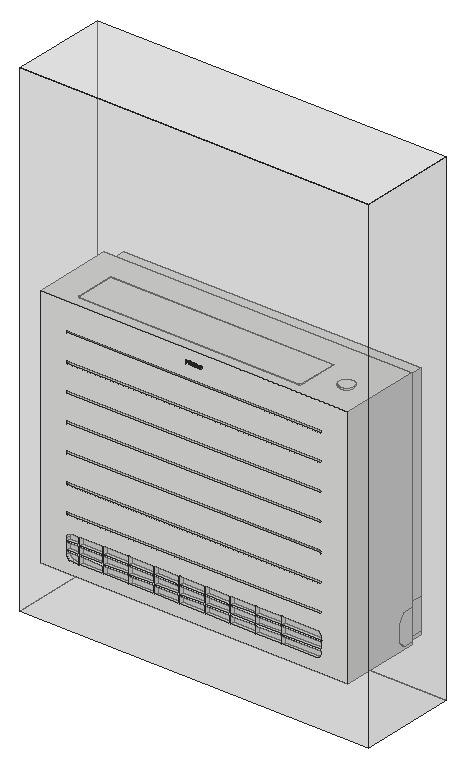
Revit family "outputfile", category 機械設備, Revit 2024
Family settings
  丸型コネクタ寸法 = 半径を使用
  パーツ タイプ = 標準
  OmniClass 番号 = 23.75.10.24.21.27.27
  OmniClass タイトル = Split System Air Conditioning Units
  作業面ベース = いいえ
  常に垂直 = はい
  ロード時にボイドで切り取り = いいえ
  注釈の向きを維持 = いいえ
  共有 = いいえ
  部屋計算ポイント = いいえ
Parameters (values of type "FVXM25YVMA")
  Description = ""
  書き出し IFC クラス(タイプ) = "IfcUnitaryEquipmentType"
  定義済み IFC タイプ(タイプ) = "AIRCONDITIONINGUNIT"
  Cost = 0
  Type Comments = ""
  Keynote = ""
  Type Image = (empty or 0)
  Assembly Code = ""
  switch_frequency = yes
  lw_powersupply [instance] = if(or(Rear Right Connection_refrigerant, Bottom Right Connection_refrigerant), 40.0 mm, if(or(Rear Left Connection_refrigerant, Bottom Left Connection_refrigerant), 630.0 mm, 40.0 mm))  # 40.0 mm
  lw_liquidpipe [instance] = if(or(Rear Right Connection_refrigerant, Bottom Right Connection_refrigerant), 60.0 mm, if(or(Rear Left Connection_refrigerant, Bottom Left Connection_refrigerant), 650.0 mm, 60.0 mm))  # 60.0 mm
  lw_gaspipe [instance] = if(or(Rear Right Connection_refrigerant, Bottom Right Connection_refrigerant), 60.0 mm, if(or(Rear Left Connection_refrigerant, Bottom Left Connection_refrigerant), 650.0 mm, 60.0 mm))  # 60.0 mm
  lw_drainpipe [instance] = if(or(Rear Right Connection_refrigerant, Bottom Right Connection_refrigerant), 80.0 mm, if(or(Rear Left Connection_refrigerant, Bottom Left Connection_refrigerant), 680.0 mm, 80.0 mm))  # 80.0 mm
  lh_liquidpipe [instance] = if(or(Bottom Left Connection_refrigerant, Bottom Right Connection_refrigerant), 258.0 mm, 60.0 mm)  # 60.0 mm
  lh_gaspipe [instance] = if(or(Bottom Left Connection_refrigerant, Bottom Right Connection_refrigerant), 211.0 mm, 40.0 mm)  # 40.0 mm
  lh_drainpipe [instance] = if(or(Bottom Left Connection_refrigerant, Bottom Right Connection_refrigerant), 95.0 mm, 20.0 mm)  # 20.0 mm
  ld_liquidpipe [instance] = if(or(Rear Left Connection_refrigerant, Rear Right Connection_refrigerant), 147.0 mm, 40.0 mm)  # 40.0 mm
  ld_gaspipe [instance] = if(or(Rear Left Connection_refrigerant, Rear Right Connection_refrigerant), 130.0 mm, 30.0 mm)  # 30.0 mm
  ld_drainpipe [instance] = if(or(Rear Left Connection_refrigerant, Rear Right Connection_refrigerant), 123.0 mm, 30.0 mm)  # 30.0 mm
  l_powersupply_length [instance] = if(Right Connection_refrigerant, 40.0 mm - 14.0 mm, if(Left Connection_refrigerant, 750.0 mm - 40.0 mm - 14.0 mm, if(or(Rear Left Connection_refrigerant, Rear Right Connection_refrigerant), 30.0 mm, 74.0 mm)))  # 26.0 mm
  l_liquidpipe_length [instance] = if(Right Connection_refrigerant, 60.0 mm - 14.0 mm, if(Left Connection_refrigerant, 750.0 mm - 60.0 mm - 14.0 mm, if(or(Rear Left Connection_refrigerant, Rear Right Connection_refrigerant), 147.0 mm, 258.0 mm)))  # 46.0 mm
  l_gaspipe_length [instance] = if(Right Connection_refrigerant, 60.0 mm - 14.0 mm, if(Left Connection_refrigerant, 750.0 mm - 60.0 mm - 14.0 mm, if(or(Rear Left Connection_refrigerant, Rear Right Connection_refrigerant), 130.0 mm, 211.0 mm)))  # 46.0 mm
  l_drainpipe_length [instance] = if(Right Connection_refrigerant, 80.0 mm - 14.0 mm, if(Left Connection_refrigerant, 750.0 mm - 80.0 mm - 14.0 mm, if(or(Rear Left Connection_refrigerant, Rear Right Connection_refrigerant), 123.0 mm, 95.0 mm)))  # 66.0 mm
  daikin_mountinghole = Depth = 350.0 mm  # no
  connector_voltage = Voltage_60Hz  # 220 V
  connector_powerinput = [Power Input (Cooling)]  # 0.500 kW
  connector_phase = Phase_60Hz  # 1
  angle_vertical [instance] = if(or(Bottom Left Connection_refrigerant, Bottom Right Connection_refrigerant), 0.00°, 90.00°)  # 90.00°
  angle_horizontal [instance] = if(Right Connection_refrigerant, 90.00°, if(Left Connection_refrigerant, -90.00°, if(or(Rear Left Connection_refrigerant, Rear Right Connection_refrigerant), 180.00°, 0.00°)))  # 90.00°
  Voltage_comment_60Hz = "220-230"
  Voltage_comment_50Hz = "220 - 240"
  Voltage_60Hz = 220 V
  Voltage_50Hz = 230 V
  URL = ""
  Total Heating Capacity [instance] = 0.000 kW
  Right Connection_refrigerant [instance] = yes
  製造元 = "Daikin"
  モデル = "FVXM25YVMA"
  r_Liquid Pipe Size = Liquid Pipe Size / 2  # 3.2 mm
  r_Gas Pipe Size = Gas Pipe Size / 2  # 4.75 mm
  r_Drain Pipe Size = Drain Pipe Size / 2  # 8.0 mm
  h*** = 0.0 mm  # constant formula
  Width = 750.0 mm
  Version = "ver.1.0"
  Unit Type = "Floor Standing"
  Unit Mass Weight = 18.00 kg
  Unit Designation [instance] = ""
  Uniclass2015Version = "Products v1.30"
  Uniclass2015Title = "Split coil room air conditioning units"
  Uniclass2015Code = "Pr_70_65_03_86"
  Total Cooling Capacity [instance] = 0.000 kW
  Sound Pressure Level_M speed (dBA) = 32
  Sound Pressure Level_L speed (dBA) = 26
  Sound Pressure Level_H speed (dBA) = 38
  Sound Power Level_H speed (dB) = 0
  Series = "Single Split_Fan Coil Unit"
  Sensible Cooling Capacity [instance] = 0.000 kW
  Refrigerant Type = "R32"
  Rear Right Connection_refrigerant [instance] = no
  Rear Left Connection_refrigerant [instance] = no
  Power Input (Heating) = 0.760 kW
  Power Input (Cooling) = 0.500 kW
  Phase_60Hz = 1
  Phase_50Hz = 1
  Option Accessory 3 [instance] = ""
  Option Accessory 2 [instance] = ""
  Option Accessory 1 [instance] = ""
  Nominal Heating Capacity = 3.500 kW
  Nominal Cooling Capacity = 2.500 kW
  Minimum External Static Pressure = 0.00 Pa
  Minimum Circuit Amps_60Hz = 0.0 A
  Minimum Circuit Amps_50Hz = 0.0 A
  Minimum Airflow = 288.00 m³/h
  Median Airflow = 384.00 m³/h
  Maximum Fuse Amps_60Hz = 0.0 A
  Maximum Fuse Amps_50Hz = 0.0 A
  Maximum External Static Pressure = 0.00 Pa
  Maximum Airflow = 510.00 m³/h
  Material_Casing = DAIKIN_White_Casing_indoorunit
  Load Classification = HVAC
  Liquid Pipe Size = 6.4 mm
  Link_Nested Family [instance] = ""
  Left Connection_refrigerant [instance] = no
  IfcVersion = ""
  IfcExportType = "AIRCONDITIONINGUNIT"
  IfcExportAs = "IfcUnitaryEquipmentType"
  Height = 600.0 mm
  Heating Entering Wet Bulb Temperature [instance] = -273.15 °C
  Heating Entering Dry Bulb Temperature [instance] = -273.15 °C
  Heating Ambient Wet Bulb Temperature [instance] = -273.15 °C
  Heating Ambient Dry Bulb Temperature [instance] = -273.15 °C
  Heat Exchanger Type = "Cross Fin Coil"
  Gas Pipe Size = 9.5 mm
  Frequency_60Hz = 60 Hz
  Frequency_50Hz = 50 Hz
  Fan Type = "Turbo Fan"
  Fan Drive = "-"
  FCU Tag No. [instance] = ""
  Drain Pipe Size = 16.0 mm
  Design Supply Airflow [instance] = 0.00 m³/h
  Design External Static Pressure [instance] = 0.00 Pa
  Depth = 238.0 mm
  既定の高さ = 0.0 mm
  Cooling Entering Wet Bulb Temperature [instance] = 0.00 °C
  Cooling Entering Dry Bulb Temperature [instance] = 0.00 °C
  Cooling Ambient Wet Bulb Temperature [instance] = 0.00 °C
  Cooling Ambient Dry Bulb Temperature [instance] = 0.00 °C
  Clearance visibility [instance] = yes
  Clearance Top = 467.0 mm
  Clearance Right = 50.0 mm
  Clearance Rear = 0.0 mm
  Clearance Left = 50.0 mm
  Clearance Front = 0.0 mm
  Clearance Bottom = 120.0 mm
  Bottom Right Connection_refrigerant [instance] = no
  Bottom Left Connection_refrigerant [instance] = no
Reference planes
  plane 1: z = 0
  plane 2 "Center (Left/Right)": x = 0
  plane 3 "Center (Front/Back)": y = -23
  plane 4 "Front": y = -142
  plane 5: x = 315
  plane 6: x = 315
  plane 7: z = 0
  plane 8: z = 467
  plane 9: z = -720
  plane 10: x = -425
  plane 11: x = 425
  plane 12: y = -142
  plane 13: y = 96
  plane 14 "Bottom": z = -600
  plane 15 "Left": x = -375
  plane 16 "Right": x = 375
  plane 17 "Top": z = 0
  plane 18 "Back": y = 96
  plane 19 "lh_drainpipe": z = -580
  plane 20 "ld_liquidpipe_gaspipe": y = 56
  plane 21 "ld_drainpipe": y = 66
  plane 22 "ld_powersupply": y = 66
  plane 23 "lh_liquidpipe": z = -540
  plane 24 "lh_gaspipe": z = -560
  plane 25 "ld_gaspipe": y = 66
  plane 26 "lw_drainpipe": x = 295
  plane 27 "lw_powersupply": x = 335
  plane 28 "lh_powersupply": z = -526
Dimensions and locks
  "Width": plane 16 "Right" to plane 15 "Left"
  equal spacing: plane 16 "Right", plane 2 "Center (Left/Right)", plane 15 "Left"
  "Clearance Rear": plane 13 to plane 18 "Back"
  "Clearance Right": plane 11 to plane 16 "Right"
  "Clearance Left": plane 15 "Left" to plane 10
  "Clearance Top": plane 8 to plane 17 "Top"
  "Clearance Bottom": plane 14 "Bottom" to plane 9
  "Height": plane 1 to plane 14 "Bottom"
  equal spacing: plane 18 "Back", plane 3 "Center (Front/Back)", plane 4 "Front"
  "Depth": plane 18 "Back" to plane 4 "Front"
  "Clearance Front": plane 4 "Front" to plane 12
  "ld_liquidpipe": plane 18 "Back" to plane 20 "ld_liquidpipe_gaspipe"
  "lh_liquidpipe": plane 23 "lh_liquidpipe" to plane 14 "Bottom"
  "lw_liquidpipe": plane 6 to plane 16 "Right"
  "ld_gaspipe": plane 18 "Back" to plane 25 "ld_gaspipe"
  "lw_gaspipe": plane 5 to plane 16 "Right"
  "lh_gaspipe": plane 24 "lh_gaspipe" to plane 14 "Bottom"
  "lh_drainpipe": plane 19 "lh_drainpipe" to plane 14 "Bottom"
  "lw_drainpipe": plane 26 "lw_drainpipe" to plane 16 "Right"
  "ld_drainpipe": plane 18 "Back" to plane 21 "ld_drainpipe"
  "lw_powersupply": plane 27 "lw_powersupply" to plane 16 "Right"
  locked: plane 18 "Back" to plane 22 "ld_powersupply" at 30
  locked: plane 28 "lh_powersupply" to plane 14 "Bottom" at 74
  aligned and locked: level to plane 1
  aligned and locked: nested 1 to plane 13
  aligned and locked: nested 1 to plane 12
  aligned and locked: plane 8 to nested 1
  aligned and locked: plane 9 to nested 1
  aligned and locked: plane 10 to nested 1
  aligned and locked: plane 11 to nested 1
  aligned and locked: nested 2 to plane 18 "Back"
  aligned and locked: plane 2 "Center (Left/Right)" to nested 2
  aligned and locked: plane 17 "Top" to nested 2
  aligned and locked: nested 3 to plane 20 "ld_liquidpipe_gaspipe"
  aligned and locked: plane 6 to nested 3
  aligned and locked: nested 4 to plane 25 "ld_gaspipe"
  aligned and locked: plane 5 to nested 4
  aligned and locked: plane 26 "lw_drainpipe" to nested 5
  aligned and locked: nested 5 to plane 21 "ld_drainpipe"
  aligned and locked: plane 27 "lw_powersupply" to nested 6
  aligned and locked: nested 6 to plane 22 "ld_powersupply"
  aligned and locked: plane 17 "Top" to plane 1
Nested families
  nested 1: "daikin_clearancespace" at (0, -23, -126.381), visible <- "Clearance visibility", show <- "Clearance visibility", Link_Nested Family <- "Link_Nested Family", type "daikin_clearancespace"
    with width 850.0 mm, show yes, height 1187.0 mm, depth 238.0 mm, Link_Nested Family ""
  nested 2: "DAIKIN_indoorunit_FVXM-YVMA" at (-31, 96, 0), type "FVXM-YVMA"
  nested 3: "daikin_connector_rotate3" at (315, 56, -540), angle_vertical <- "angle_vertical", angle_horizontal <- "angle_horizontal", radius <- "r_Liquid Pipe Size", length <- "l_liquidpipe_length", type "daikin_connector_rotate3"
    with show no, radius 3.2 mm, length 46.0 mm, angle_vertical 90.00°, angle_horizontal 90.00°
  nested 4: "daikin_connector_rotate3" at (315, 66, -560), angle_vertical <- "angle_vertical", angle_horizontal <- "angle_horizontal", length <- "l_gaspipe_length", radius <- "r_Gas Pipe Size", type "daikin_connector_rotate3"
    with show no, radius 4.75 mm, length 46.0 mm, angle_vertical 90.00°, angle_horizontal 90.00°
  nested 5: "daikin_connector_rotate3" at (295, 66, -580), angle_vertical <- "angle_vertical", angle_horizontal <- "angle_horizontal", length <- "l_drainpipe_length", radius <- "r_Drain Pipe Size", type "daikin_connector_rotate3"
    with show no, radius 8.0 mm, length 66.0 mm, angle_vertical 90.00°, angle_horizontal 90.00°
  nested 6: "daikin_connector_rotate3" at (335, 66, -526), angle_vertical <- "angle_vertical", angle_horizontal <- "angle_horizontal", length <- "l_powersupply_length", type "daikin_connector_rotate3"
    with show no, radius 10.0 mm, length 26.0 mm, angle_vertical 90.00°, angle_horizontal 90.00°
Connectors
  piping at (361, 56, -540), diameter 6.4, driven by "r_Liquid Pipe Size"
    settings: on nested 3, index 1, connector inside diameter 609.6 mm, connector length 0.0 mm, flow factor 0, pipe flow 0.00 m³/h, pressure drop 0.0 Pa, fitting loss kfactor 0, connector angle 0.00°, fixture units 0, engagement length 0.0 mm, angle of deflection 0.00°, flow configuration 1, flow direction 1, fitting loss method 0, system type 29, joint type 0, gender type 0, connector reference index -1, connector utility 0, adjustable connector no, is connector primary yes, connector description "Refrigerant Liquid Piping"
  piping at (361, 66, -560), diameter 9.5, driven by "r_Gas Pipe Size"
    settings: on nested 4, index 2, connector inside diameter 609.6 mm, connector length 0.0 mm, flow factor 0, pipe flow 0.00 m³/h, pressure drop 0.0 Pa, fitting loss kfactor 0, connector angle 0.00°, fixture units 0, engagement length 0.0 mm, angle of deflection 0.00°, flow configuration 1, flow direction 2, fitting loss method 0, system type 29, joint type 0, gender type 0, connector reference index -1, connector utility 0, adjustable connector no, is connector primary no, connector description "Refrigerant Gas Piping"
  piping at (361, 66, -580), diameter 16, driven by "r_Drain Pipe Size"
    settings: on nested 5, index 3, connector inside diameter 609.6 mm, connector length 0.0 mm, flow factor 0, pipe flow 0.00 m³/h, pressure drop 0.0 Pa, fitting loss kfactor 0, connector angle 0.00°, fixture units 0, engagement length 0.0 mm, angle of deflection 0.00°, flow configuration 1, flow direction 2, fitting loss method 4, system type 16, joint type 0, gender type 0, connector reference index -1, connector utility 0, adjustable connector no, is connector primary no, connector description "Condensate Drain Piping"
  electrical at (361, 66, -526), driven by "connector_phase", driven by "Load Classification", driven by "connector_voltage", driven by "connector_powerinput"
    settings: on nested 6, index 4, voltage 220 V, apparent load 500 VA, apparent load phase1 0 VA, apparent load phase2 0 VA, apparent load phase3 0 VA, power factor 1, load classification "HVAC", number of poles 1, system type 30, power factor state 1, is connector primary yes, connector utility no, sub classification motor no, connector description "Power Supply"
Definition of nested family "daikin_clearancespace"
  Parameters (values of type "daikin_clearancespace")
    Description = "daikin_clearancespace"
    width [instance] = 1823.963 mm
    show [instance] = yes
    material = none
    height [instance] = 1359.762 mm
    depth [instance] = 880.0 mm
    Default Elevation = 0.0 mm
    Link_Nested Family [instance] = ""
  Reference planes
    plane 1 "Center (Front/Back)": y = 0
    plane 2 "Center (Elevation)": z = -0.119
    plane 3 "Center (Left/Right)": x = 0
    plane 4: y = 440
    plane 5: y = -440
    plane 6 "Right": x = 911.982
    plane 7 "Left": x = -911.982
    plane 8 "Top": z = 679.762
    plane 9 "Bottom": z = -680
  Forms (mm)
    Extrusion 1, solid, material <- "material", visible <- "show"
      sketch origin (0, 0, 0) x (1, 0, 0) y (0, 1, 0)
        loop
          line (-911.982, 440) -> (-911.982, -440) -> (911.982, -440) -> (911.982, 440) -> (-911.982, 440)
      from -680 to 679.762
  Lines and regions (mm)
    symbolic lines, visible <- "show"
      curve 1: line (911.982, 440, 0) -> (-911.982, 440, 0)
      curve 2: line (-911.982, 440, 0) -> (-911.982, -440, 0)
      curve 3: line (-911.982, -440, 0) -> (911.982, -440, 0)
      curve 4: line (911.982, -440, 0) -> (911.982, 440, 0)
      curve 5: line (911.982, 0, 679.762) -> (-911.982, 0, 679.762)
      curve 6: line (911.982, 0, -680) -> (911.982, 0, 679.762)
      curve 7: line (-911.982, 0, -680) -> (911.982, 0, -680)
      curve 8: line (-911.982, 0, 679.762) -> (-911.982, 0, -680)
      curve 9: line (0, 440, 679.762) -> (0, -440, 679.762)
      curve 10: line (0, -440, 679.762) -> (0, -440, -680)
      curve 11: line (0, 440, -680) -> (0, 440, 679.762)
      curve 12: line (0, -440, -680) -> (0, 440, -680)
  Dimensions and locks
    "width": plane 7 "Left" to plane 6 "Right"
    "depth": plane 4 to plane 5
    "height": plane 8 "Top" to plane 9 "Bottom"
    equal spacing: plane 7 "Left", plane 3 "Center (Left/Right)", plane 6 "Right"
    equal spacing: plane 4, plane 1 "Center (Front/Back)", plane 5
    equal spacing: plane 8 "Top", plane 2 "Center (Elevation)", plane 9 "Bottom"
    aligned and locked: level to plane 2 "Center (Elevation)"
    aligned and locked: Extrusion 1 sketch curve to plane 4
    aligned and locked: plane 7 "Left" to Extrusion 1 sketch curve
    aligned and locked: Extrusion 1 sketch curve to plane 5
    aligned and locked: Extrusion 1 sketch curve to plane 6 "Right"
    aligned and locked: plane 8 "Top" to Extrusion 1
    aligned and locked: curve 1 to Extrusion 1
    aligned and locked: curve 2 to Extrusion 1
    aligned and locked: curve 3 to Extrusion 1
    aligned and locked: curve 4 to Extrusion 1
    aligned and locked: curve 5 to Extrusion 1
    aligned and locked: curve 6 to Extrusion 1
    aligned and locked: curve 7 to Extrusion 1
    aligned and locked: curve 8 to Extrusion 1
    aligned and locked: curve 9 to Extrusion 1
    aligned and locked: curve 10 to Extrusion 1
    aligned and locked: curve 11 to Extrusion 1
    aligned and locked: curve 12 to Extrusion 1
    aligned and locked: Extrusion 1 to plane 9 "Bottom"
Definition of nested family "DAIKIN_indoorunit_FVXM-YVMA"
  Parameters (values of type "FVXM-YVMA")
    Width = 750.0 mm
    Material_Casing = none
    Height = 600.0 mm
    Default Elevation = 0.0 mm
  Reference planes
    plane 1 "Center (Front/Back)": y = 0
    plane 2 "reference_level": z = 0
    plane 3 "Center (Left/Right)": x = 31
    plane 4: x = -330
    plane 5: x = 392
    plane 6: z = -600
    plane 7: y = -238
    plane 8: x = -344
    plane 9: x = 406
    plane 10: z = -600
  Forms (mm)
    Extrusion 1, solid, material <- "Material_Casing"
      sketch origin (392, 3296.25, 1200) x (0, -1, 0) y (0, 0, 1)
        loop
          line (3296.25, -1715) -> (3296.25, -1790.3) -> (3314.25, -1790.3) -> (3341.25, -1790.3) -> (3341.25, -1715) -> (3312.25, -1715) -> (3296.25, -1715)
      from 0 to 5
    Extrusion 2, solid, material <- "Material_Casing"
      sketch origin (31, 2200, -600) x (-1, 0, 0) y (0, -1, 0)
        loop
          line (-276, 2220.469) -> (-276, 2333)
          arc (-276, 2333) -> (-280.393, 2343.607) -> (-291, 2348) r 15
          line (-291, 2348) -> (-331, 2348)
          arc (-331, 2348) -> (-341.607, 2343.607) -> (-346, 2333) r 15
          line (-346, 2333) -> (-346, 2220.469) -> (-276, 2220.469)
        loop
          arc (346, 2280.031) -> (344.335, 2283.756) -> (340.448, 2285) r 5
          line (340.448, 2285) -> (235.887, 2285)
          arc (235.887, 2285) -> (232.431, 2283.569) -> (231, 2280.113) r 4.887
          line (231, 2280.113) -> (231, 2220.469) -> (346, 2220.469) -> (346, 2280.031)
      from 0 to 5
    Extrusion 3, solid, material <- "Material_Casing"
      sketch origin (31, 2000, -50) x (0, 1, 0) y (0, 0, 1)
        loop
          line (-2045, 33) -> (-2045, -550) -> (-2000, -550) -> (-2000, 33) -> (-2045, 33)
      from -361 to 361
    Extrusion 4, solid, material <- "Material_Casing"
      sketch origin (31, 0, 0) x (1, 0, 0) y (0, 0, 1)
        loop
          circle (296, -542) r 58
        loop
          circle (-296, -542) r 58
      from 0 to 18
    Extrusion 5, solid, material <- "Material_Casing"
      sketch origin (-344, 3296.25, 1200) x (0, -1, 0) y (0, 0, -1)
        loop
          line (3341.25, 1715) -> (3355.25, 1715)
          arc (3355.25, 1715) -> (3370.807, 1721.444) -> (3377.25, 1737) r 22
          line (3377.25, 1737) -> (3377.25, 1768.3)
          arc (3377.25, 1768.3) -> (3370.807, 1783.856) -> (3355.25, 1790.3) r 22
          line (3355.25, 1790.3) -> (3341.25, 1790.3) -> (3341.25, 1715)
      from 0 to 5
    Extrusion 6, solid, material <- "Material_Casing"
      sketch origin (31, 0, 0) x (0, 1, 0) y (0, 0, 1)
        loop
          line (-238, -2) -> (-238, -596) -> (-229.5, -596) -> (-229.5, -600) -> (-45, -600) -> (-45, -2) -> (-238, -2)
      from -375 to 375
    Extrusion 7, void
      sketch origin (-663.497, -183, 1200) x (-1, 0, 0) y (0, 0, 1)
        loop
          line (-333.497, -1796) -> (-333.497, -1826) -> (-298.497, -1826) -> (-298.497, -1796) -> (-333.497, -1796)
        loop
          line (-1055.497, -1796) -> (-1090.497, -1796) -> (-1090.497, -1826) -> (-1055.497, -1826) -> (-1055.497, -1796)
      from -55 to 495
    Extrusion 8, solid, material <- "Material_Casing"
      sketch origin (0, 0, 0) x (1, 0, 0) y (0, 1, 0)
        loop
          circle (339.5, -158.981) r 18
      from -2 to 0
    Extrusion 9, void
      sketch origin (0, 0, 0) x (1, 0, 0) y (0, 1, 0)
        loop
          arc (-269.293, -211.674) -> (-2.048, -218.025) -> (265.245, -214.192) r 7016.372
          arc (265.245, -214.192) -> (268.673, -212.671) -> (270.079, -209.195) r 5
          line (270.079, -209.195) -> (270.079, -111.981) -> (-274.079, -111.981) -> (-274.079, -206.679)
          arc (-274.079, -206.679) -> (-272.689, -210.138) -> (-269.293, -211.674) r 5
      from -10 to 0
    Extrusion 10, solid, material <- "Material_Casing"
      sketch origin (0, 0, 0) x (1, 0, 0) y (0, 1, 0)
        loop
          arc (265.245, -214.192) -> (268.673, -212.671) -> (270.079, -209.195) r 5
          line (270.079, -209.195) -> (270.079, -111.981) -> (-274.079, -111.981) -> (-274.079, -206.679)
          arc (-274.079, -206.679) -> (-272.689, -210.138) -> (-269.293, -211.674) r 5
          arc (-269.293, -211.674) -> (-2.048, -218.025) -> (265.245, -214.192) r 7016.372
      from -10 to -2
    Extrusion 11, void
      sketch origin (-663.497, -183, 1200) x (-1, 0, 0) y (0, 0, 1)
        loop
          arc (-1002.372, -1264.5) -> (-1004.14, -1265.232) -> (-1004.872, -1267) r 2.5
          line (-1004.872, -1267) -> (-1004.872, -1269)
          arc (-1004.872, -1269) -> (-1004.286, -1270.414) -> (-1002.872, -1271) r 2
          line (-1002.872, -1271) -> (-386.123, -1271)
          arc (-386.123, -1271) -> (-384.709, -1270.414) -> (-384.123, -1269) r 2
          line (-384.123, -1269) -> (-384.123, -1267)
          arc (-384.123, -1267) -> (-384.855, -1265.232) -> (-386.623, -1264.5) r 2.5
          line (-386.623, -1264.5) -> (-1002.372, -1264.5)
        loop
          arc (-1002.372, -1330.5) -> (-1004.14, -1331.232) -> (-1004.872, -1333) r 2.5
          line (-1004.872, -1333) -> (-1004.872, -1335)
          arc (-1004.872, -1335) -> (-1004.286, -1336.414) -> (-1002.872, -1337) r 2
          line (-1002.872, -1337) -> (-386.123, -1337)
          arc (-386.123, -1337) -> (-384.709, -1336.414) -> (-384.123, -1335) r 2
          line (-384.123, -1335) -> (-384.123, -1333)
          arc (-384.123, -1333) -> (-384.855, -1331.232) -> (-386.623, -1330.5) r 2.5
          line (-386.623, -1330.5) -> (-1002.372, -1330.5)
        loop
          arc (-1002.372, -1396.5) -> (-1004.14, -1397.232) -> (-1004.872, -1399) r 2.5
          line (-1004.872, -1399) -> (-1004.872, -1401)
          arc (-1004.872, -1401) -> (-1004.286, -1402.414) -> (-1002.872, -1403) r 2
          line (-1002.872, -1403) -> (-386.123, -1403)
          arc (-386.123, -1403) -> (-384.709, -1402.414) -> (-384.123, -1401) r 2
          line (-384.123, -1401) -> (-384.123, -1399)
          arc (-384.123, -1399) -> (-384.855, -1397.232) -> (-386.623, -1396.5) r 2.5
          line (-386.623, -1396.5) -> (-1002.372, -1396.5)
        loop
          arc (-1002.372, -1462.5) -> (-1004.14, -1463.232) -> (-1004.872, -1465) r 2.5
          line (-1004.872, -1465) -> (-1004.872, -1467)
          arc (-1004.872, -1467) -> (-1004.286, -1468.414) -> (-1002.872, -1469) r 2
          line (-1002.872, -1469) -> (-386.123, -1469)
          arc (-386.123, -1469) -> (-384.709, -1468.414) -> (-384.123, -1467) r 2
          line (-384.123, -1467) -> (-384.123, -1465)
          arc (-384.123, -1465) -> (-384.855, -1463.232) -> (-386.623, -1462.5) r 2.5
          line (-386.623, -1462.5) -> (-1002.372, -1462.5)
        loop
          arc (-1002.372, -1528.5) -> (-1004.14, -1529.232) -> (-1004.872, -1531) r 2.5
          line (-1004.872, -1531) -> (-1004.872, -1533)
          arc (-1004.872, -1533) -> (-1004.286, -1534.414) -> (-1002.872, -1535) r 2
          line (-1002.872, -1535) -> (-386.123, -1535)
          arc (-386.123, -1535) -> (-384.709, -1534.414) -> (-384.123, -1533) r 2
          line (-384.123, -1533) -> (-384.123, -1531)
          arc (-384.123, -1531) -> (-384.855, -1529.232) -> (-386.623, -1528.5) r 2.5
          line (-386.623, -1528.5) -> (-1002.372, -1528.5)
        loop
          arc (-1002.372, -1594.5) -> (-1004.14, -1595.232) -> (-1004.872, -1597) r 2.5
          line (-1004.872, -1597) -> (-1004.872, -1599)
          arc (-1004.872, -1599) -> (-1004.286, -1600.414) -> (-1002.872, -1601) r 2
          line (-1002.872, -1601) -> (-386.123, -1601)
          arc (-386.123, -1601) -> (-384.709, -1600.414) -> (-384.123, -1599) r 2
          line (-384.123, -1599) -> (-384.123, -1597)
          arc (-384.123, -1597) -> (-384.855, -1595.232) -> (-386.623, -1594.5) r 2.5
          line (-386.623, -1594.5) -> (-1002.372, -1594.5)
        loop
          arc (-1002.372, -1660.5) -> (-1004.14, -1661.232) -> (-1004.872, -1663) r 2.5
          line (-1004.872, -1663) -> (-1004.872, -1665)
          arc (-1004.872, -1665) -> (-1004.286, -1666.414) -> (-1002.872, -1667) r 2
          line (-1002.872, -1667) -> (-386.123, -1667)
          arc (-386.123, -1667) -> (-384.709, -1666.414) -> (-384.123, -1665) r 2
          line (-384.123, -1665) -> (-384.123, -1663)
          arc (-384.123, -1663) -> (-384.855, -1661.232) -> (-386.623, -1660.5) r 2.5
          line (-386.623, -1660.5) -> (-1002.372, -1660.5)
        loop
          line (-907.024, -1705.5) -> (-907.024, -1724.25) -> (-845.397, -1724.25) -> (-845.397, -1705.5) -> (-907.024, -1705.5)
        loop
          line (-396.123, -1705.5) -> (-412.997, -1705.5) -> (-412.997, -1724.137) -> (-384.123, -1724.137) -> (-384.123, -1717.5)
          arc (-384.123, -1717.5) -> (-387.637, -1709.015) -> (-396.123, -1705.5) r 12
        loop
          line (-1004.872, -1724.399) -> (-908.997, -1724.399) -> (-908.997, -1705.5) -> (-992.872, -1705.5)
          arc (-992.872, -1705.5) -> (-1001.357, -1709.015) -> (-1004.872, -1717.5) r 12
          line (-1004.872, -1717.5) -> (-1004.872, -1724.399)
        loop
          line (-721.597, -1705.5) -> (-781.498, -1705.5) -> (-781.498, -1724.25) -> (-721.597, -1724.25) -> (-721.597, -1705.5)
        loop
          line (-783.497, -1705.5) -> (-843.398, -1705.5) -> (-843.398, -1724.25) -> (-783.497, -1724.25) -> (-783.497, -1705.5)
        loop
          line (-597.797, -1705.5) -> (-657.698, -1705.5) -> (-657.698, -1724.25) -> (-597.797, -1724.25) -> (-597.797, -1705.5)
        loop
          line (-659.697, -1705.5) -> (-719.598, -1705.5) -> (-719.598, -1724.25) -> (-659.697, -1724.25) -> (-659.697, -1705.5)
        loop
          line (-473.997, -1705.5) -> (-533.898, -1705.5) -> (-533.898, -1724.25) -> (-473.997, -1724.25) -> (-473.997, -1705.5)
        loop
          line (-535.897, -1705.5) -> (-595.798, -1705.5) -> (-595.798, -1724.25) -> (-535.897, -1724.25) -> (-535.897, -1705.5)
        loop
          line (-414.913, -1705.5) -> (-471.998, -1705.5) -> (-471.998, -1724.25) -> (-414.973, -1724.25) -> (-414.913, -1705.5)
        loop
          line (-907.024, -1766.5) -> (-845.397, -1766.5) -> (-845.397, -1747.75) -> (-907.024, -1747.75) -> (-907.024, -1766.5)
        loop
          arc (-396.123, -1766.5) -> (-387.637, -1762.985) -> (-384.123, -1754.5) r 12
          line (-384.123, -1754.5) -> (-384.123, -1747.863) -> (-412.997, -1747.863) -> (-412.997, -1766.5) -> (-396.123, -1766.5)
        loop
          line (-1004.872, -1747.601) -> (-1004.872, -1754.5)
          arc (-1004.872, -1754.5) -> (-1001.357, -1762.985) -> (-992.872, -1766.5) r 12
          line (-992.872, -1766.5) -> (-908.997, -1766.5) -> (-908.997, -1747.601) -> (-1004.872, -1747.601)
        loop
          line (-721.597, -1766.5) -> (-721.597, -1747.75) -> (-781.498, -1747.75) -> (-781.498, -1766.5) -> (-721.597, -1766.5)
        loop
          line (-783.497, -1766.5) -> (-783.497, -1747.75) -> (-843.398, -1747.75) -> (-843.398, -1766.5) -> (-783.497, -1766.5)
        loop
          line (-597.797, -1766.5) -> (-597.797, -1747.75) -> (-657.698, -1747.75) -> (-657.698, -1766.5) -> (-597.797, -1766.5)
        loop
          line (-659.697, -1766.5) -> (-659.697, -1747.75) -> (-719.598, -1747.75) -> (-719.598, -1766.5) -> (-659.697, -1766.5)
        loop
          line (-473.997, -1766.5) -> (-473.997, -1747.75) -> (-533.898, -1747.75) -> (-533.898, -1766.5) -> (-473.997, -1766.5)
        loop
          line (-535.897, -1766.5) -> (-535.897, -1747.75) -> (-595.798, -1747.75) -> (-595.798, -1766.5) -> (-535.897, -1766.5)
        loop
          line (-414.913, -1766.5) -> (-414.973, -1747.75) -> (-471.998, -1747.75) -> (-471.998, -1766.5) -> (-414.913, -1766.5)
        loop
          line (-384.123, -1726.863) -> (-412.997, -1726.863) -> (-412.997, -1745.137) -> (-384.123, -1745.137) -> (-384.123, -1726.863)
        loop
          line (-471.998, -1745.25) -> (-415.039, -1745.25) -> (-415.039, -1726.863) -> (-471.998, -1726.863) -> (-471.998, -1745.25)
        loop
          line (-533.897, -1745.25) -> (-473.997, -1745.25) -> (-473.997, -1726.863) -> (-533.897, -1726.863) -> (-533.897, -1745.25)
        loop
          line (-595.797, -1745.25) -> (-535.897, -1745.25) -> (-535.897, -1726.863) -> (-595.797, -1726.863) -> (-595.797, -1745.25)
        loop
          line (-657.697, -1745.25) -> (-597.797, -1745.25) -> (-597.797, -1726.863) -> (-657.697, -1726.863) -> (-657.697, -1745.25)
        loop
          line (-719.597, -1745.25) -> (-659.697, -1745.25) -> (-659.697, -1726.863) -> (-719.597, -1726.863) -> (-719.597, -1745.25)
        loop
          line (-781.497, -1745.25) -> (-721.597, -1745.25) -> (-721.597, -1726.863) -> (-781.497, -1726.863) -> (-781.497, -1745.25)
        loop
          line (-843.397, -1745.25) -> (-783.497, -1745.25) -> (-783.497, -1726.863) -> (-843.397, -1726.863) -> (-843.397, -1745.25)
        loop
          line (-906.955, -1745.25) -> (-845.397, -1745.25) -> (-845.397, -1726.863) -> (-906.955, -1726.863) -> (-906.955, -1745.25)
        loop
          line (-1004.872, -1745.25) -> (-908.997, -1745.25) -> (-908.997, -1726.863) -> (-1004.872, -1726.863) -> (-1004.872, -1745.25)
      from -200 to -45.918
    Extrusion 12, solid, material <- "Material_Casing"
      sketch origin (-330, 3296.25, 1200) x (0, -1, 0) y (0, 0, -1)
        loop
          line (3296.25, 1715) -> (3312.25, 1715) -> (3341.25, 1715) -> (3341.25, 1790.3) -> (3314.25, 1790.3) -> (3296.25, 1790.3) -> (3296.25, 1715)
      from 0 to 5
    Extrusion 13, solid, material <- "Material_Casing"
      sketch origin (406, 3296.25, 1200) x (0, -1, 0) y (0, 0, 1)
        loop
          line (3341.25, -1715) -> (3341.25, -1790.3) -> (3355.25, -1790.3)
          arc (3355.25, -1790.3) -> (3370.807, -1783.856) -> (3377.25, -1768.3) r 22
          line (3377.25, -1768.3) -> (3377.25, -1737)
          arc (3377.25, -1737) -> (3370.807, -1721.444) -> (3355.25, -1715) r 22
          line (3355.25, -1715) -> (3341.25, -1715)
      from 0 to 5
  Cuts and joins
    Extrusion 7, Extrusion 9, Extrusion 11 cuts Extrusion 6
    Extrusion 11 cuts Extrusion 3
  Lines and regions (mm)
    reference lines
      curve 1: line (0, -237.748, -22.637) -> (0, -237.748, -29.433)
  Dimensions and locks
    plane 5 to plane 4 = 722.0 mm
    Extrusion 4 sketch curve to plane 4 = 65.0 mm
    plane 5 to Extrusion 4 sketch curve = 65.0 mm
    Extrusion 4 sketch curve to plane 6 = 58.0 mm  (x2)
    equal spacing: plane 5, plane 3 "Center (Left/Right)", plane 4
    level to plane 6 = 600.0 mm
    equal spacing: plane 8, plane 3 "Center (Left/Right)", plane 9
    "Width": plane 8 to plane 9
    locked: plane 1 "Center (Front/Back)" to plane 7 at 238
    locked: plane 2 "reference_level" to plane 10 at 600
    locked: Extrusion 3 sketch curve to level at 600
    locked: plane 10 to Extrusion 1 sketch curve at 85
    locked: Extrusion 2 sketch curve to plane 1 "Center (Front/Back)" at 148
    locked: Extrusion 2 sketch curve to Extrusion 2 sketch curve at 70
    locked: Extrusion 2 sketch curve to plane 9 at 29
    locked: Extrusion 2 sketch curve to Extrusion 2 sketch curve at 115
    locked: plane 8 to Extrusion 2 sketch curve at 29
    locked: Extrusion 2 sketch curve to plane 1 "Center (Front/Back)" at 85
    locked: plane 10 to Extrusion 3 sketch curve at 583
    diameter of Extrusion 4 sketch curve = 116.0 mm  (x2)
    aligned and locked: level to plane 2 "reference_level"
  Automatic sketch dimensions
    Extrusion 1 sketch curve to plane 1 "Center (Front/Back)" = 0.0 mm
    plane 1 "Center (Front/Back)" to Extrusion 1 sketch curve = 16.0 mm
    plane 1 "Center (Front/Back)" to Extrusion 1 sketch curve = 18.0 mm
    Extrusion 1 sketch curve to Extrusion 1 sketch curve = 29.0 mm
    plane 10 to Extrusion 1 sketch curve = 9.7 mm
    Extrusion 2 sketch curve to Extrusion 2 sketch curve = 15.0 mm  (x2)
    Extrusion 2 sketch curve to Extrusion 2 sketch curve = 4.887 mm
    Extrusion 2 sketch curve to Extrusion 2 sketch curve = 5.552 mm
    Extrusion 2 sketch curve to Extrusion 2 sketch curve = 0.552 mm
    plane 1 "Center (Front/Back)" to Extrusion 2 sketch curve = 20.469 mm  (x2)
    Extrusion 3 sketch curve to plane 1 "Center (Front/Back)" = 0.0 mm
    plane 1 "Center (Front/Back)" to Extrusion 3 sketch curve = 45.0 mm
    plane 7 to curve 1 = 0.252 mm
    curve 1 to level = 29.433 mm
    curve 1 to curve 1 = 6.796 mm
    plane 1 "Center (Front/Back)" to Extrusion 5 sketch curve = 45.0 mm
    Extrusion 5 sketch curve to Extrusion 5 sketch curve = 14.0 mm  (x2)
    Extrusion 5 sketch curve to Extrusion 5 sketch curve = 22.0 mm
    plane 10 to Extrusion 5 sketch curve = 85.0 mm
    Extrusion 5 sketch curve to Extrusion 5 sketch curve = 31.3 mm
    Extrusion 6 sketch curve to plane 7 = 0.0 mm
    Extrusion 6 sketch curve to plane 10 = 0.0 mm
    plane 10 to Extrusion 6 sketch curve = 4.0 mm
    plane 7 to Extrusion 6 sketch curve = 8.5 mm
    plane 1 "Center (Front/Back)" to Extrusion 6 sketch curve = 45.0 mm
    Extrusion 6 sketch curve to level = 2.0 mm
    plane 10 to Extrusion 7 sketch curve = 4.0 mm  (x2)
    Extrusion 7 sketch curve to plane 9 = 21.0 mm
    plane 9 to Extrusion 7 sketch curve = 14.0 mm
    plane 8 to Extrusion 7 sketch curve = 14.0 mm
    Extrusion 7 sketch curve to plane 8 = 21.0 mm
    Extrusion 7 sketch curve to plane 10 = 26.0 mm  (x2)
    Extrusion 9 sketch curve to plane 3 "Center (Left/Right)" = 0.0 mm
    plane 7 to Extrusion 9 sketch curve = 31.321 mm
    plane 8 to Extrusion 9 sketch curve = 74.921 mm
    plane 8 to Extrusion 9 sketch curve = 69.921 mm
    plane 7 to Extrusion 9 sketch curve = 28.805 mm
    plane 9 to Extrusion 9 sketch curve = 140.921 mm
    Extrusion 9 sketch curve to Extrusion 9 sketch curve = 5.0 mm
    Extrusion 9 sketch curve to Extrusion 9 sketch curve = 94.698 mm
    Extrusion 9 sketch curve to plane 1 "Center (Front/Back)" = 6798.269 mm
    Extrusion 9 sketch curve to Extrusion 9 sketch curve = 0.0 mm
    Extrusion 10 sketch curve to plane 3 "Center (Left/Right)" = 0.0 mm
    plane 8 to Extrusion 10 sketch curve = 74.921 mm
    plane 8 to Extrusion 10 sketch curve = 69.921 mm
    plane 7 to Extrusion 10 sketch curve = 28.805 mm
    plane 9 to Extrusion 10 sketch curve = 140.921 mm
    Extrusion 10 sketch curve to Extrusion 10 sketch curve = 5.0 mm
    plane 7 to Extrusion 10 sketch curve = 31.321 mm
    Extrusion 10 sketch curve to Extrusion 10 sketch curve = 97.214 mm
    Extrusion 10 sketch curve to plane 1 "Center (Front/Back)" = 6798.269 mm
    Extrusion 10 sketch curve to Extrusion 10 sketch curve = 0.0 mm
    plane 9 to Extrusion 11 sketch curve = 64.625 mm  (x5)
    Extrusion 11 sketch curve to Extrusion 11 sketch curve = 0.0 mm  (x51)
    Extrusion 11 sketch curve to Extrusion 11 sketch curve = 2.0 mm  (x17)
    Extrusion 11 sketch curve to Extrusion 11 sketch curve = 2.5 mm  (x13)
    Extrusion 11 sketch curve to Extrusion 11 sketch curve = 0.5 mm  (x12)
    Extrusion 11 sketch curve to Extrusion 11 sketch curve = 12.0 mm  (x3)
    Extrusion 11 sketch curve to Extrusion 11 sketch curve = 83.875 mm
    Extrusion 11 sketch curve to Extrusion 11 sketch curve = 1.974 mm  (x2)
    Extrusion 11 sketch curve to Extrusion 11 sketch curve = 2.042 mm  (x2)
    Extrusion 11 sketch curve to Extrusion 11 sketch curve = 61.559 mm
    Extrusion 11 sketch curve to Extrusion 11 sketch curve = 1.998 mm  (x15)
    Extrusion 11 sketch curve to Extrusion 11 sketch curve = 1.999 mm  (x6)
    Extrusion 11 sketch curve to Extrusion 11 sketch curve = 59.901 mm  (x3)
    plane 3 "Center (Left/Right)" to Extrusion 11 sketch curve = 27.099 mm
    Extrusion 11 sketch curve to plane 3 "Center (Left/Right)" = 34.801 mm
    Extrusion 11 sketch curve to Extrusion 11 sketch curve = 59.902 mm
    Extrusion 11 sketch curve to Extrusion 11 sketch curve = 56.959 mm
    Extrusion 11 sketch curve to Extrusion 11 sketch curve = 0.067 mm  (x2)
    plane 10 to Extrusion 11 sketch curve = 33.5 mm  (x3)
    Extrusion 11 sketch curve to Extrusion 11 sketch curve = 0.059 mm  (x2)
    Extrusion 11 sketch curve to Extrusion 11 sketch curve = 1.975 mm  (x2)
    Extrusion 11 sketch curve to Extrusion 11 sketch curve = 16.875 mm  (x2)
    plane 8 to Extrusion 11 sketch curve = 67.125 mm  (x3)
    Extrusion 11 sketch curve to Extrusion 11 sketch curve = 9.5 mm
    Extrusion 11 sketch curve to Extrusion 11 sketch curve = 6.637 mm  (x2)
    Extrusion 11 sketch curve to Extrusion 11 sketch curve = 18.75 mm  (x4)
    Extrusion 11 sketch curve to Extrusion 11 sketch curve = 0.113 mm  (x2)
    Extrusion 11 sketch curve to Extrusion 11 sketch curve = 6.899 mm  (x2)
    Extrusion 11 sketch curve to Extrusion 11 sketch curve = 2.351 mm
    Extrusion 11 sketch curve to Extrusion 11 sketch curve = 18.387 mm  (x7)
    Extrusion 11 sketch curve to Extrusion 11 sketch curve = 18.275 mm
    Extrusion 11 sketch curve to Extrusion 11 sketch curve = 2.463 mm
    Extrusion 11 sketch curve to Extrusion 11 sketch curve = 2.613 mm  (x4)
    Extrusion 11 sketch curve to Extrusion 11 sketch curve = 2.725 mm
    Extrusion 11 sketch curve to Extrusion 11 sketch curve = 38.5 mm
    Extrusion 11 sketch curve to Extrusion 11 sketch curve = 59.5 mm  (x6)
    Extrusion 12 sketch curve to plane 1 "Center (Front/Back)" = 0.0 mm
    plane 1 "Center (Front/Back)" to Extrusion 12 sketch curve = 16.0 mm
    plane 1 "Center (Front/Back)" to Extrusion 12 sketch curve = 18.0 mm
    Extrusion 12 sketch curve to Extrusion 12 sketch curve = 29.0 mm
    plane 10 to Extrusion 12 sketch curve = 85.0 mm
    plane 10 to Extrusion 12 sketch curve = 9.7 mm
    plane 1 "Center (Front/Back)" to Extrusion 13 sketch curve = 45.0 mm
    Extrusion 13 sketch curve to Extrusion 13 sketch curve = 14.0 mm  (x2)
    Extrusion 13 sketch curve to Extrusion 13 sketch curve = 22.0 mm
    plane 10 to Extrusion 13 sketch curve = 9.7 mm
    Extrusion 13 sketch curve to Extrusion 13 sketch curve = 31.3 mm
  Nested families
    nested 1: "daikin_logo_plane_w40" at (31, -237.677, -26.888) x (1, 0, 0) z (0, -1, 0), type "daikin_logo_plane_w40"
      with show_logo yes
  Definition of nested family "daikin_logo_plane_w40"
    Parameters (values of type "daikin_logo_plane_w40")
      width = 40.0 mm
      show_logo [instance] = yes
      material = none
      height = 0.0 mm
      depth = 0.0 mm
      Default Elevation = 1219.2 mm
    Reference planes
      plane 1 "Center (Front/Back)": y = 0
      plane 2: z = 0
      plane 3 "Center (Left/Right)": x = 0
      plane 4: z = 2
      plane 5 "left": x = -19
      plane 6: x = 19
    Forms (mm)
      Extrusion 1, solid, visible <- "show_logo"
        sketch origin (-19, 0, 0) x (1, 0, 0) y (0, 1, 0)
          loop
            line (8.902, -1.878) -> (7.789, -6.332) -> (11.13, -6.332)
            arc (11.13, -6.332) -> (12.454, -6.064) -> (13.472, -5.176) r 2.642
            arc (13.472, -5.176) -> (13.92, -4.02) -> (13.767, -2.79) r 2.537
            arc (13.767, -2.79) -> (13.452, -2.342) -> (12.982, -2.06) r 1.321
            arc (12.982, -2.06) -> (12.063, -1.902) -> (11.13, -1.878) r 6.479
            line (11.13, -1.878) -> (8.902, -1.878)
          loop
            line (10.016, -5.441) -> (10.907, -5.441)
            arc (10.907, -5.441) -> (11.591, -4.983) -> (11.988, -4.261) r 1.742
            spline (11.988, -4.261) -> (12.01, -4.155) -> (12.027, -4.03) -> (12.037, -3.893) -> (12.037, -3.747) -> (12.026, -3.598) -> (12.002, -3.451) -> (11.962, -3.31) -> (11.905, -3.181) -> (11.829, -3.069) -> (11.731, -2.978) -> (11.61, -2.913) -> (11.464, -2.88)
            line (11.464, -2.88) -> (10.573, -2.88) -> (10.016, -5.441)
          loop
            line (13.58, -6.332) -> (14.805, -6.332) -> (15.223, -5.553) -> (16.977, -5.553) -> (17.144, -6.332) -> (19.149, -6.332) -> (18.258, -1.878) -> (16.03, -1.878) -> (13.58, -6.332)
          loop
            line (16.476, -3.214) -> (15.76, -4.551) -> (16.762, -4.551) -> (16.476, -3.214)
          loop
            line (19.705, -6.332) -> (21.599, -6.332) -> (22.712, -1.878) -> (20.819, -1.878) -> (19.705, -6.332)
          loop
            line (22.712, -6.332) -> (24.606, -6.332) -> (24.908, -5.122) -> (25.831, -6.332) -> (28.17, -6.332) -> (26.388, -3.994) -> (28.949, -1.878) -> (26.945, -1.878) -> (25.401, -3.153) -> (25.719, -1.878) -> (23.826, -1.878) -> (22.712, -6.332)
          loop
            line (29.84, -1.878) -> (28.615, -6.332) -> (30.62, -6.332) -> (31.734, -1.878) -> (29.84, -1.878)
          loop
            line (31.734, -6.332) -> (33.07, -6.332) -> (33.7, -3.814) -> (34.518, -6.332) -> (36.745, -6.332) -> (37.859, -1.878) -> (36.523, -1.878) -> (35.845, -4.589) -> (34.963, -1.878) -> (32.847, -1.878) -> (31.734, -6.332)
        from 0 to 2
      Extrusion 2, solid, visible <- "show_logo"
        sketch origin (-19, 0, 0) x (1, 0, 0) y (0, 1, 0)
          loop
            line (8.7, 0) -> (4.235, 0) -> (0, -3.879) -> (0, -8) -> (8.7, 0)
        from 0 to 2
      Extrusion 3, solid, visible <- "show_logo"
        sketch origin (-19, 0, 0) x (1, 0, 0) y (0, 1, 0)
          loop
            line (0, 0) -> (0, -3.879) -> (4.235, 0) -> (0, 0)
        from 0 to 2
    Dimensions and locks
      plane 4 to plane 2 = 2.0 mm
      equal spacing: plane 5 "left", plane 3 "Center (Left/Right)", plane 6
      locked: plane 5 "left" to plane 6 at 38
      aligned and locked: level to plane 2
      aligned and locked: Extrusion 3 to plane 1 "Center (Front/Back)"  (x2)
      aligned and locked: Extrusion 2 to plane 1 "Center (Front/Back)"  (x2)
      aligned and locked: plane 4 to Extrusion 1
      aligned and locked: plane 4 to Extrusion 3
      aligned and locked: plane 4 to Extrusion 2
      aligned and locked: Extrusion 3 to plane 5 "left"
      aligned and locked: Extrusion 2 to plane 5 "left"
    Automatic sketch dimensions
      Extrusion 1 sketch curve to Extrusion 1 sketch curve = 0.901 mm
      Extrusion 1 sketch curve to Extrusion 1 sketch curve = 1.559 mm
      Extrusion 1 sketch curve to Extrusion 1 sketch curve = 1.327 mm
      Extrusion 1 sketch curve to Extrusion 1 sketch curve = 2.145 mm
      Extrusion 1 sketch curve to Extrusion 1 sketch curve = 1.448 mm
      Extrusion 1 sketch curve to Extrusion 1 sketch curve = 2.116 mm
      Extrusion 1 sketch curve to Extrusion 1 sketch curve = 1.114 mm  (x4)
      Extrusion 1 sketch curve to Extrusion 1 sketch curve = 1.336 mm  (x2)
      plane 1 "Center (Front/Back)" to Extrusion 1 sketch curve = 1.878 mm  (x5)
      Extrusion 1 sketch curve to Extrusion 1 sketch curve = 1.893 mm  (x5)
      Extrusion 1 sketch curve to Extrusion 1 sketch curve = 0.891 mm  (x4)
      Extrusion 1 sketch curve to Extrusion 1 sketch curve = 2.005 mm  (x3)
      Extrusion 1 sketch curve to Extrusion 1 sketch curve = 0.445 mm  (x2)
      plane 1 "Center (Front/Back)" to Extrusion 1 sketch curve = 3.994 mm
      Extrusion 1 sketch curve to Extrusion 1 sketch curve = 0.557 mm  (x2)
      Extrusion 1 sketch curve to Extrusion 1 sketch curve = 2.339 mm  (x2)
      Extrusion 1 sketch curve to Extrusion 1 sketch curve = 1.225 mm  (x3)
      plane 1 "Center (Front/Back)" to Extrusion 1 sketch curve = 3.153 mm
      Extrusion 1 sketch curve to Extrusion 1 sketch curve = 0.987 mm
      plane 1 "Center (Front/Back)" to Extrusion 1 sketch curve = 5.122 mm
      Extrusion 1 sketch curve to Extrusion 1 sketch curve = 0.922 mm
      plane 1 "Center (Front/Back)" to Extrusion 1 sketch curve = 6.332 mm
      Extrusion 1 sketch curve to Extrusion 1 sketch curve = 2.562 mm
      plane 1 "Center (Front/Back)" to Extrusion 1 sketch curve = 5.553 mm
      Extrusion 1 sketch curve to Extrusion 1 sketch curve = 0.167 mm
      Extrusion 1 sketch curve to Extrusion 1 sketch curve = 0.215 mm
      plane 1 "Center (Front/Back)" to Extrusion 1 sketch curve = 3.214 mm
      Extrusion 1 sketch curve to Extrusion 1 sketch curve = 0.286 mm
      plane 1 "Center (Front/Back)" to Extrusion 1 sketch curve = 4.551 mm
      Extrusion 1 sketch curve to Extrusion 1 sketch curve = 1.002 mm
      Extrusion 1 sketch curve to Extrusion 1 sketch curve = 0.537 mm
      Extrusion 1 sketch curve to Extrusion 1 sketch curve = 0.418 mm
      Extrusion 1 sketch curve to Extrusion 1 sketch curve = 1.028 mm
      plane 1 "Center (Front/Back)" to Extrusion 1 sketch curve = 4.261 mm
      Extrusion 1 sketch curve to Extrusion 1 sketch curve = 0.563 mm
      plane 1 "Center (Front/Back)" to Extrusion 1 sketch curve = 2.88 mm
      Extrusion 1 sketch curve to Extrusion 1 sketch curve = 1.088 mm
      Extrusion 1 sketch curve to Extrusion 1 sketch curve = 2.152 mm
      Extrusion 1 sketch curve to Extrusion 1 sketch curve = 0.586 mm
      Extrusion 1 sketch curve to Extrusion 1 sketch curve = 0.118 mm
      Extrusion 1 sketch curve to Extrusion 1 sketch curve = 0.298 mm
      Extrusion 1 sketch curve to Extrusion 1 sketch curve = 0.334 mm
      Extrusion 1 sketch curve to Extrusion 1 sketch curve = 0.223 mm
      Extrusion 1 sketch curve to Extrusion 1 sketch curve = 0.266 mm
      Extrusion 1 sketch curve to Extrusion 1 sketch curve = 1.671 mm
      Extrusion 1 sketch curve to Extrusion 1 sketch curve = 2.227 mm
      Extrusion 1 sketch curve to Extrusion 1 sketch curve = 0.0 mm  (x7)
      Extrusion 1 sketch curve to Extrusion 1 sketch curve = 3.453 mm
      Extrusion 1 sketch curve to Extrusion 1 sketch curve = 2.017 mm
      Extrusion 1 sketch curve to Extrusion 1 sketch curve = 0.78 mm  (x2)
      Extrusion 1 sketch curve to Extrusion 1 sketch curve = 1.743 mm
      Extrusion 1 sketch curve to Extrusion 1 sketch curve = 0.775 mm
      Extrusion 1 sketch curve to Extrusion 1 sketch curve = 0.552 mm
      Extrusion 1 sketch curve to Extrusion 1 sketch curve = 0.014 mm
      Extrusion 1 sketch curve to Extrusion 1 sketch curve = 0.952 mm
      Extrusion 1 sketch curve to Extrusion 1 sketch curve = 1.215 mm
      Extrusion 1 sketch curve to Extrusion 1 sketch curve = 0.108 mm
      plane 1 "Center (Front/Back)" to Extrusion 2 sketch curve = 0.0 mm
      Extrusion 2 sketch curve to plane 3 "Center (Left/Right)" = 19.0 mm
      Extrusion 2 sketch curve to plane 3 "Center (Left/Right)" = 14.765 mm
      Extrusion 2 sketch curve to Extrusion 2 sketch curve = 4.465 mm
      plane 1 "Center (Front/Back)" to Extrusion 2 sketch curve = 3.879 mm
      Extrusion 2 sketch curve to Extrusion 2 sketch curve = 4.12 mm
      plane 1 "Center (Front/Back)" to Extrusion 3 sketch curve = 0.0 mm
      Extrusion 3 sketch curve to plane 3 "Center (Left/Right)" = 19.0 mm
      Extrusion 3 sketch curve to plane 3 "Center (Left/Right)" = 14.765 mm
      plane 1 "Center (Front/Back)" to Extrusion 3 sketch curve = 3.879 mm
      Extrusion 1 sketch curve to plane 3 "Center (Left/Right)" = 11.211 mm
      Extrusion 1 sketch curve to Extrusion 1 sketch curve = 1.782 mm
Definition of nested family "daikin_connector_rotate3"
  Parameters (values of type "daikin_connector_rotate3")
    show [instance] = yes
    radius [instance] = 10.0 mm
    length [instance] = 600.0 mm
    angle_horizontal [instance] = 60.00°
    angle_vertical [instance] = 90.00°
    Default Elevation = 1219.2 mm
  Reference planes
    plane 1 "Center (Front/Back)": y = 0
    plane 2: z = 0
    plane 3 "Center (Left/Right)": x = 0
  Dimensions and locks
    "angle_horizontal": angle plane 3 "Center (Left/Right)" to nested 1
    aligned and locked: level to plane 2
    aligned and locked: plane 1 "Center (Front/Back)" to nested 1  (x2)
    aligned and locked: plane 3 "Center (Left/Right)" to nested 1
  Nested families
    nested 1: "daikin_connector_rotate2" at (0, 0, 0) x (0.5, 0.866, 0) z (0, 0, 1), angle_vertical <- "angle_vertical", length <- "length", radius <- "radius", type "daikin_connector_rotate2"
      with radius 10.0 mm, length 600.0 mm, angle_vertical 90.00°
  Definition of nested family "daikin_connector_rotate2"
    Parameters (values of type "daikin_connector_rotate2")
      show_face = yes
      radius [instance] = 10.0 mm
      length [instance] = 600.0 mm
      d_surface = 10.0 mm
      angle_vertical [instance] = 90.00°
      Default Elevation = 0.0 mm
    Reference planes
      plane 1 "Center (Front/Back)": y = 0
      plane 2: z = 0
      plane 3 "Center (Left/Right)": x = 0
    Forms (mm)
      Extrusion 1, solid, visible <- "show_face"
        sketch origin (0, -600, 0) x (1, 0, 0) y (0, 0, 1)
          loop
            circle (0, 0) r 10
        from 0 to -10
    Lines and regions (mm)
      reference lines
        curve 1: line (0, 0, 0) -> (0, -600, 0)
      symbolic lines
        curve 2: circle (0, 0, 0) r 5 normal (0, 0, 1)
      model lines, visible <- "show_face"
        curve 3: line (0, 0, 0) -> (0, -600, 0)
    Dimensions and locks
      "length": curve 1 to curve 1
      "length": curve 3 to curve 3
      "d_surface": Extrusion 1 to Extrusion 1
      "radius": radius of Extrusion 1 sketch curve
      "angle_vertical": angle curve 1 to plane 1 "Center (Front/Back)"
      "angle_vertical": angle curve 3 to plane 1 "Center (Front/Back)"
      aligned and locked: level to plane 2
      aligned and locked: plane 1 "Center (Front/Back)" to curve 1
      aligned and locked: plane 2 to curve 1
      aligned and locked: plane 1 "Center (Front/Back)" to curve 2
      aligned and locked: plane 3 "Center (Left/Right)" to curve 2
      aligned and locked: plane 1 "Center (Front/Back)" to curve 3
      aligned and locked: plane 2 to curve 3
      aligned and locked: Extrusion 1 to Extrusion 1
    Automatic sketch dimensions
      Extrusion 1 sketch curve to level = 0.0 mm
      Extrusion 1 sketch curve to plane 3 "Center (Left/Right)" = 0.0 mm
      radius of curve 2 = 5.0 mm
